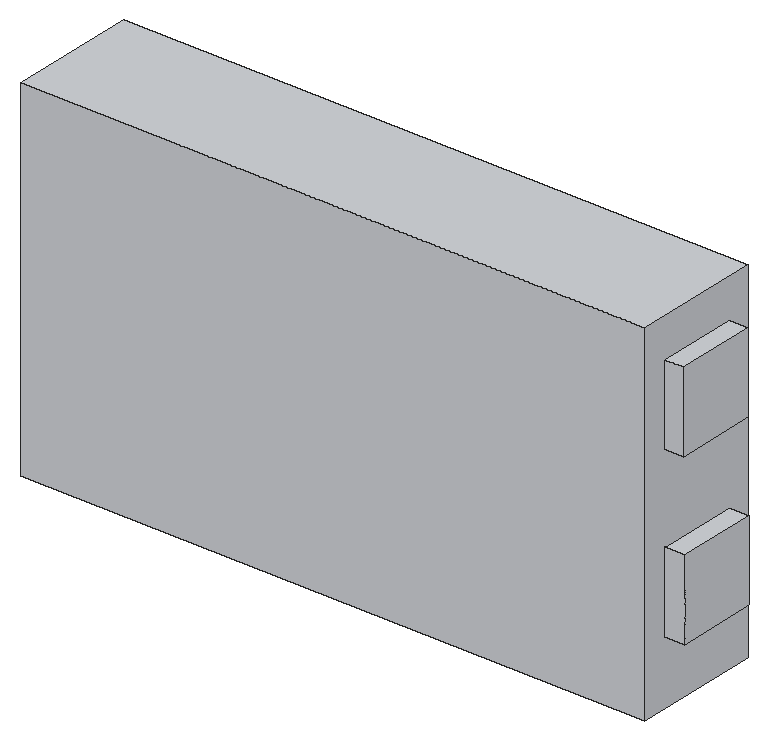
Revit family "VZT jednotka", category Mechanické zařízení, Revit 2018
Family settings
  Kóta kulaté spojky = Použít průměr
  Typ dílu = Normální
  Číslo OmniClass = 23.75.00.00
  Nadpis OmniClass = Climate Control (HVAC)
  Založené na pracovní rovině = Ne
  Vždy vertikální = Ano
  Ořezat dutým tvarem při načtení = Ne
  Sdílené = Ne
  Bod výpočtu místnosti = Ne
Parameters
  ŠÍŘKA = 800 mm
  VÝŠKA = 2000 mm
  URL = "www.cadconsulting.cz"
  Průtok_Výfuk [instance] = Průtok_Odvod + Průtok_5. konektor  # 0.0 L/s
  Průtok_Sání [instance] = Průtok_Přívod  # 0.0 L/s
  Průtok_Přívod [instance] = 0.0 L/s
  Průtok_Odvod [instance] = 0.0 L/s
  Průtok_5. konektor [instance] = 0.0 L/s
  Popis = "VZT jednotka"
  Konektor 5_Šířka = 1 mm
  Konektor 5_Výška = 1 mm
  Konektor 4_Šířka = 500 mm
  Konektor 4_Výška = 500 mm
  Konektor 3_Šířka = 500 mm
  Konektor 3_Výška = 500 mm
  Konektor 2_Šířka = 500 mm
  Konektor 2_Výška = 500 mm
  Konektor 1_Šířka = 500 mm
  Konektor 1_Výška = 500 mm
  DÉLKA = 3900 mm
  COPYRIGHT = "© cadconsulting, spol. s r.o."  # constant formula
Reference planes
  plane 1 "Střed (vpředu/vzadu)": y = 0
  plane 2: z = 0
  plane 3 "Střed (vlevo/vpravo)": x = 0
Forms (mm)
  Extrusion 1, solid
    sketch origin (0, 0, 0) x (1, 0, 0) y (0, 1, 0)
      loop
        line (-2000, 400) -> (-2000, -400) -> (1900, -400) -> (1900, 400) -> (-2000, 400)
    from 0 to 2200
Dimensions and locks
  equal spacing: Extrusion 1 sketch curve, plane 1 "Střed (vpředu/vzadu)", Extrusion 1 sketch curve
  "ŠÍŘKA": Extrusion 1 sketch curve to Extrusion 1 sketch curve
  "DÉLKA": Extrusion 1 sketch curve to Extrusion 1 sketch curve
  aligned and locked: level to plane 2
Automatic sketch dimensions
  Extrusion 1 sketch curve to plane 3 "Střed (vlevo/vpravo)" = 2000 mm
Nested families
  nested 1: "Šipky.CC" at (2245, 0, 653.754) x (0, 0, -1) z (0, -1, 0), type "Přiváděný vzduch"
  nested 2: "Šipky.CC" at (2375, 0, 1706.074) x (0, 0, 1) z (0, -1, 0), type "Odváděný vzduch"
  nested 3: "Šipky.CC" at (-2604.996, 0, 1706.074) x (0, 0, -1) z (0, -1, 0), type "Sání vzduchu"
  nested 4: "Šipky.CC" at (-2345, 0, 653.754) x (0, 0, 1) z (0, -1, 0), type "Výfuk vzduchu"
  nested 5: "Pružná manžeta.CC " at (-2083.716, 22.536, 653.754), ŠÍŘKA <- "Konektor 4_Šířka", VÝŠKA <- "Konektor 4_Výška", type "Pružná manžeta.CC "
    with ŠÍŘKA 500 mm, v2 -250 mm, v1 250 mm, VÝŠKA 500 mm, Obdélná yes, Kruhová no, DÉLKA 125 mm
  nested 6: "Pružná manžeta.CC " at (-2083.716, 22.536, 1706.074), ŠÍŘKA <- "Konektor 1_Šířka", VÝŠKA <- "Konektor 1_Výška", type "Pružná manžeta.CC "
    with ŠÍŘKA 500 mm, v2 -250 mm, v1 250 mm, VÝŠKA 500 mm, Obdélná yes, Kruhová no, DÉLKA 125 mm
  nested 7: "Pružná manžeta.CC " at (1941.284, 22.536, 1706.074), ŠÍŘKA <- "Konektor 3_Šířka", VÝŠKA <- "Konektor 3_Výška", type "Pružná manžeta.CC "
    with ŠÍŘKA 500 mm, v2 -250 mm, v1 250 mm, VÝŠKA 500 mm, Obdélná yes, Kruhová no, DÉLKA 125 mm
  nested 8: "Pružná manžeta.CC " at (1941.284, 22.536, 653.754), ŠÍŘKA <- "Konektor 2_Šířka", VÝŠKA <- "Konektor 2_Výška", type "Pružná manžeta.CC "
    with ŠÍŘKA 500 mm, v2 -250 mm, v1 250 mm, VÝŠKA 500 mm, Obdélná yes, Kruhová no, DÉLKA 125 mm
  nested 9: "Šipky.CC" at (0, 1604.996, 651.969) x (0, 0, 1) z (1, 0, 0), type "Sání vzduchu"
  nested 10: "Servisní prostor.CC" at (-50, -600, 0) x (1, 0, 0) z (0, -1, 0), type "Servisní prostor.CC"
    with Šířka 3900 mm, Výška 1200 mm, Hloubka 2200 mm
Connectors
  hvac at (-2125, 0, 1706.074), driven by "Konektor 1_Výška", driven by "Konektor 1_Šířka", driven by "Konektor 1_Šířka", driven by "Průtok_Sání"
    settings: on nested 6, index 1, duct flow 0.0 L/s, flow factor 1, pres drop 0.0 Pa, loss coef 0, conn angle 0.00°, conn width 500 mm, conn height 500 mm, conn diameter 500 mm, duct sys type 1, conn prof type 1, flow config 1, flow direction 1, loss method 0, conn ref index 2, conn util no, is conn primary yes, conn desc "Sání"
  hvac at (2025, 0, 653.754), driven by "Konektor 2_Výška", driven by "Konektor 2_Šířka", driven by "Konektor 2_Šířka", driven by "Průtok_Přívod"
    settings: on nested 8, index 2, duct flow 0.0 L/s, flow factor 1, pres drop 0.0 Pa, loss coef 0, conn angle 0.00°, conn width 500 mm, conn height 500 mm, conn diameter 500 mm, duct sys type 1, conn prof type 1, flow config 2, flow direction 2, loss method 0, conn ref index 1, conn util no, is conn primary no, conn desc "Přívod"
  hvac at (2025, 0, 1706.074), driven by "Konektor 3_Výška", driven by "Konektor 3_Šířka", driven by "Konektor 3_Šířka", driven by "Průtok_Odvod"
    settings: on nested 7, index 3, duct flow 0.0 L/s, flow factor 1, pres drop 0.0 Pa, loss coef 0, conn angle 0.00°, conn width 500 mm, conn height 500 mm, conn diameter 500 mm, duct sys type 3, conn prof type 1, flow config 2, flow direction 1, loss method 0, conn ref index 4, conn util no, is conn primary no, conn desc "Odvod"
  hvac at (-2125, 0, 653.754), driven by "Konektor 4_Výška", driven by "Konektor 4_Šířka", driven by "Konektor 4_Šířka", driven by "Průtok_Výfuk"
    settings: on nested 5, index 4, duct flow 0.0 L/s, flow factor 1, pres drop 0.0 Pa, loss coef 0, conn angle 0.00°, conn width 500 mm, conn height 500 mm, conn diameter 500 mm, duct sys type 3, conn prof type 1, flow config 1, flow direction 2, loss method 0, conn ref index 3, conn util no, is conn primary no, conn desc "Výfuk"
Definition of nested family "Pružná manžeta.CC "
  Parameters (values of type "Pružná manžeta.CC ")
    ŠÍŘKA [instance] = 1200 mm
    v2 [instance] = -VÝŠKA / 2  # -500 mm
    v1 [instance] = VÝŠKA / 2  # 500 mm
    VÝŠKA [instance] = 1000 mm
    URL = "www.cadconsulting.cz"
    Obdélná [instance] = not(Kruhová)  # yes
    Kruhová [instance] = no
    DÉLKA [instance] = 300 mm
    COPYRIGHT = "© cadconsulting, spol. s r.o."  # constant formula
  Reference planes
    plane 1 "Střed (vpředu/vzadu)": y = -22.536
    plane 2: z = 0
    plane 3 "Střed (vlevo/vpravo)": x = 21.216
    plane 4: y = 577.464
    plane 5: y = 577.464
    plane 6: x = -128.784
    plane 7: x = -128.784
    plane 8: x = 171.216
    plane 9: x = 171.216
    plane 10: y = -622.536
    plane 11: y = -622.536
    plane 12: z = 500
    plane 13: z = 500
    plane 14: z = -500
    plane 15: z = -500
  Forms (mm)
    Extrusion 1, solid, visible <- "Obdélná"
      sketch origin (0, 0, 0) x (1, 0, 0) y (0, 1, 0)
        loop
          line (-128.784, 577.464) -> (-128.784, -622.536) -> (171.216, -622.536) -> (171.216, 577.464) -> (-128.784, 577.464)
      from -500 <- "v2" to 500 <- "v1"
    Extrusion 2, solid, visible <- "Kruhová"
      sketch origin (21.216, 0, 0) x (0, 1, 0) y (0, 0, 1)
        loop
          circle (-22.536, 0) r 600
      from -150 to 150
  Lines and regions (mm)
    model lines, visible <- "Obdélná"
      curve 1: line (-28.784, 577.464, -500) -> (-28.784, 577.464, 500)
      curve 2: line (71.216, -622.536, 500) -> (71.216, 577.464, 500)
      curve 3: line (71.216, -622.536, 500) -> (71.216, -622.536, -500)
      curve 4: line (-28.784, -622.536, 500) -> (-28.784, 577.464, 500)
      curve 5: line (-28.784, -622.536, 500) -> (-28.784, -622.536, -500)
      curve 6: line (71.216, 577.464, -500) -> (71.216, 577.464, 500)
      curve 10: line (71.216, -622.536, -500) -> (71.216, 577.464, -500)
      curve 11: line (-28.784, -622.536, -500) -> (-28.784, 577.464, -500)
    reference lines, not visible
      curve 7: line (-28.784, -22.536, 0) -> (71.216, -22.536, 0)
    model lines, visible <- "Kruhová"
      curve 8: circle (-28.784, -22.536, 0) r 600 normal (1, 0, 0)
      curve 9: circle (71.216, -22.536, 0) r 600 normal (1, 0, 0)
  Dimensions and locks
    equal spacing: Extrusion 1 sketch curve, plane 3 "Střed (vlevo/vpravo)", Extrusion 1 sketch curve
    equal spacing: Extrusion 1 sketch curve, plane 1 "Střed (vpředu/vzadu)", Extrusion 1 sketch curve
    "ŠÍŘKA": Extrusion 1 sketch curve to Extrusion 1 sketch curve
    "DÉLKA": Extrusion 1 sketch curve to Extrusion 1 sketch curve
    equal spacing: Extrusion 1, curve 2, curve 4, Extrusion 1
    equal spacing: Extrusion 1, curve 6, curve 1, Extrusion 1
    equal spacing: Extrusion 1, curve 3, curve 5, Extrusion 1
    locked: plane 5 to plane 4
    locked: plane 11 to plane 10
    locked: plane 6 to plane 7 at 0
    locked: plane 8 to plane 9 at 0
    equal spacing: plane 4, plane 1 "Střed (vpředu/vzadu)", plane 10
    "ŠÍŘKA": plane 4 to plane 10
    locked: plane 12 to plane 13
    locked: plane 14 to plane 15 at 0
    equal spacing: plane 12, plane 2, plane 14
    "VÝŠKA": plane 12 to plane 14
    equal spacing: plane 6, plane 3 "Střed (vlevo/vpravo)", plane 8
    "DÉLKA": plane 6 to plane 8
    equal spacing: plane 7, curve 7, curve 7, plane 9
    curve 10 to curve 11 = 100 mm
    equal spacing: plane 7, curve 11, curve 10, plane 9
    "ŠÍŘKA": diameter of Extrusion 2 sketch curve
    "ŠÍŘKA": diameter of curve 8
    "ŠÍŘKA": diameter of curve 9
    aligned and locked: level to plane 2
    aligned and locked: Extrusion 1 to curve 3
    aligned and locked: Extrusion 1 to curve 5
    aligned and locked: Extrusion 1 to curve 2
    aligned and locked: Extrusion 1 to curve 4
    aligned and locked: Extrusion 1 to curve 6
    aligned and locked: Extrusion 1 to curve 1
    aligned and locked: plane 2 to Extrusion 2 sketch curve
    aligned and locked: plane 1 "Střed (vpředu/vzadu)" to Extrusion 2 sketch curve
    aligned and locked: Extrusion 2 to plane 7
    aligned and locked: Extrusion 2 to plane 9
    aligned and locked: plane 2 to curve 8
    aligned and locked: plane 1 "Střed (vpředu/vzadu)" to curve 8
    aligned and locked: plane 2 to curve 9
    aligned and locked: plane 1 "Střed (vpředu/vzadu)" to curve 9
    aligned and locked: plane 5 to curve 10
    aligned and locked: plane 5 to curve 11
    aligned and locked: plane 11 to curve 10
    aligned and locked: plane 11 to curve 11
  Automatic sketch dimensions
    curve 7 to level = 0 mm
    curve 5 to Extrusion 1 = 0 mm
    curve 3 to Extrusion 1 = 0 mm
    Extrusion 1 to curve 4 = 0 mm
    Extrusion 1 to curve 2 = 0 mm
    curve 4 to Extrusion 1 = 100 mm
    curve 2 to Extrusion 1 = 100 mm
    curve 1 to Extrusion 1 = 0 mm
    curve 6 to Extrusion 1 = 0 mm
Definition of nested family "Šipky.CC"
  Parameters (values of type "Výfuk vzduchu")
    Výfuk vzduchu = yes
    VLASTNÍK = "KPS - VZT spol. s r.o."  # constant formula
    URL = "www.cadconsulting.cz"
    Sání vzduchu = no
    Přivádený vzduch = no
    Přepouštěný vzduch = no
    Description = ""
    Odváděný vzduch = no
    COPYRIGHT = "© cadconsulting, spol. s r.o."  # constant formula
  Types (6, lengths in mm): name | Výfuk vzduchu | Sání vzduchu | Přivádený vzduch | Přepouštěný vzduch | Odváděný vzduch
    (no name) | yes | no | no | no | no
    Odváděný vzduch | no | no | no | no | yes
    Přepouštěný vzduch | no | no | no | yes | no
    Přiváděný vzduch | no | no | yes | no | no
    Sání vzduchu | no | yes | no | no | no
    Výfuk vzduchu | yes | no | no | no | no
  Reference planes
    plane 1 "Střed (vpředu/vzadu)": y = 0
    plane 2: z = 0
    plane 3 "Střed (vlevo/vpravo)": x = 0
  Lines and regions (mm)
    detail lines, in view "Ref. podlaží", visible <- "Přivádený vzduch"
      curve 1: line (0, 0, 0) -> (0, 230, 0)
      curve 2: line (0, 430, 0) -> (-64.984, 230, 0)
      curve 3: line (-64.984, 230, 0) -> (64.984, 230, 0)
      curve 4: line (0, 430, 0) -> (64.984, 230, 0)
    detail lines, in view "Ref. podlaží", visible <- "Odváděný vzduch"
      curve 5: line (0, 0, 0) -> (0, 130, 0)
      curve 6: line (0, 430, 0) -> (-48.738, 280, 0)
      curve 7: line (-48.738, 280, 0) -> (48.738, 280, 0)
      curve 8: line (0, 430, 0) -> (48.738, 280, 0)
      curve 9: line (-60, 160, 0) -> (60, 160, 0)
      curve 10: line (0, 190, 0) -> (60, 160, 0)
      curve 11: line (-60, 160, 0) -> (0, 130, 0)
      curve 12: line (0, 190, 0) -> (0, 280, 0)
    detail lines, in view "Ref. podlaží", visible <- "Sání vzduchu"
      curve 13: line (-65, 0, 0) -> (-65, 399.996, 0)
      curve 14: line (-65, 399.996, 0) -> (-135, 399.996, 0)
      curve 15: line (-65, 0, 0) -> (65, 0, 0)
      curve 16: line (65, 0, 0) -> (65, 399.996, 0)
      curve 17: line (65, 399.996, 0) -> (134.998, 399.996, 0)
      curve 18: line (-135, 399.996, 0) -> (0, 659.996, 0)
      curve 19: line (0, 659.996, 0) -> (134.998, 399.996, 0)
    detail lines, in view "Ref. podlaží", visible <- "Výfuk vzduchu"
      curve 20: line (-65, 0, 0) -> (-65, 399.996, 0)
      curve 21: line (-65, 0, 0) -> (65, 0, 0)
      curve 22: line (65, 0, 0) -> (65, 399.996, 0)
      curve 23: line (-135, 399.996, 0) -> (134.998, 399.996, 0)
      curve 24: line (-135, 399.996, 0) -> (0, 659.996, 0)
      curve 25: line (0, 659.996, 0) -> (134.998, 399.996, 0)
      curve 26: line (65, 399.996, 0) -> (-64.787, 0.552, 0)
    detail lines, in view "Ref. podlaží", visible <- "Přepouštěný vzduch"
      curve 27: line (-46.353, 659.996, 0) -> (-46.353, 502.277, 0)
      curve 28: line (-46.353, 502.277, 0) -> (46.353, 532.398, 0)
      curve 29: line (-46.353, 659.996, 0) -> (46.353, 532.398, 0)
      curve 30: line (0, 0, 0) -> (0, 517.338, 0)
Definition of nested family "Servisní prostor.CC"
  Parameters (values of type "Servisní prostor.CC")
    Šířka [instance] = 1000 mm
    Výška [instance] = 1800 mm
    Manufacturer = "Výrobce"
    Default Elevation = 1219.2 mm
    URL = "www.cadconsulting.cz"
    Description = "Popis"
    Model = "Model"
    Type Comments = "Komentáře k typům"
    Hloubka [instance] = 820 mm
    Cost = 0
    COPYRIGHT = "© cadconsulting, spol. s r.o."  # constant formula
  Reference planes
    plane 1 "Střed (vpředu/vzadu)": y = 0
    plane 2: z = 0
    plane 3 "Střed (vlevo/vpravo)": x = 0
    plane 4: x = -500
    plane 5 "Zadní": y = 820
    plane 6: x = 500
    plane 7 "Horní": z = 1800
    plane 8: y = 0
  Lines and regions (mm)
    model lines
      curve 1: line (-500, 820, 0) -> (500, 820, 0)
      curve 2: line (-500, 0, 0) -> (-500, 820, 0)
      curve 3: line (500, 0, 0) -> (-500, 0, 0)
      curve 4: line (500, 820, 0) -> (500, 0, 0)
      curve 5: line (-500, 0, 0) -> (-500, 0, 1800)
      curve 6: line (500, 0, 0) -> (500, 0, 1800)
      curve 7: line (500, 820, 0) -> (500, 820, 1800)
      curve 8: line (-500, 820, 0) -> (-500, 820, 1800)
      curve 9: line (-500, 820, 1800) -> (500, 820, 1800)
      curve 10: line (-500, 0, 1800) -> (-500, 820, 1800)
      curve 11: line (500, 0, 1800) -> (-500, 0, 1800)
      curve 12: line (500, 820, 1800) -> (500, 0, 1800)
  Dimensions and locks
    equal spacing: plane 4, plane 3 "Střed (vlevo/vpravo)", plane 6
    "Hloubka": plane 5 "Zadní" to plane 8
    "Šířka": plane 4 to plane 6
    "Výška": plane 7 "Horní" to plane 2
    locked: curve 3 to plane 8 at 0
    aligned and locked: level to plane 2
    aligned and locked: curve 1 to plane 5 "Zadní"
    aligned and locked: plane 4 to curve 2
    aligned and locked: curve 4 to plane 6
    aligned and locked: plane 6 to curve 6
    aligned and locked: plane 4 to curve 5
    aligned and locked: plane 4 to curve 8
    aligned and locked: plane 6 to curve 7
    aligned and locked: plane 8 to plane 1 "Střed (vpředu/vzadu)"
  Automatic sketch dimensions
    curve 6 to level = 0 mm
    curve 5 to level = 0 mm
    curve 6 to plane 7 "Horní" = 0 mm
    curve 5 to plane 7 "Horní" = 0 mm
    curve 8 to level = 0 mm
    curve 7 to level = 0 mm
    curve 8 to plane 7 "Horní" = 0 mm
    curve 7 to plane 7 "Horní" = 0 mm
    curve 9 to plane 5 "Zadní" = 0 mm
    curve 9 to plane 6 = 0 mm
    plane 1 "Střed (vpředu/vzadu)" to curve 11 = 0 mm
    curve 11 to plane 4 = 0 mm
